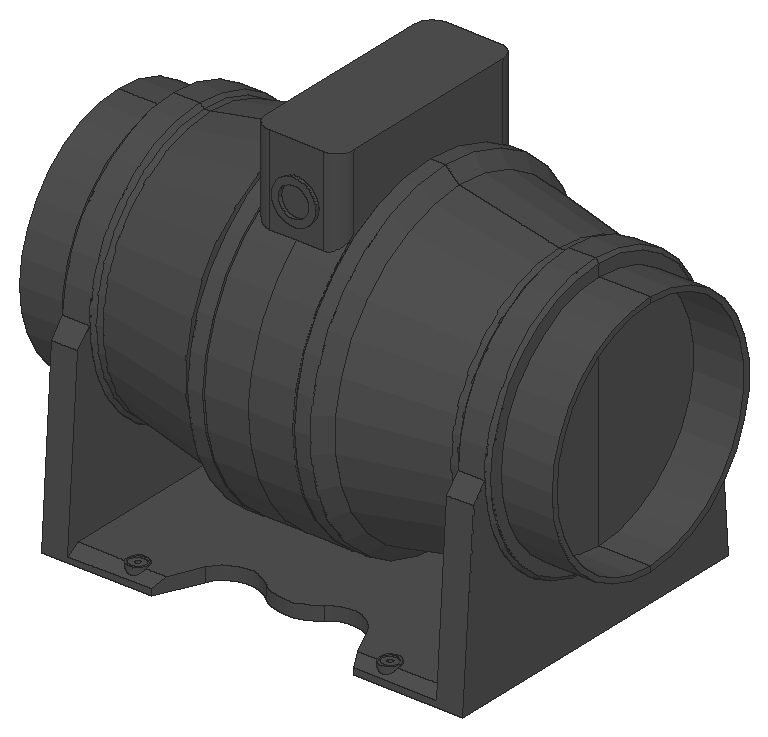
Revit family "Reece_Accessory_Kado_Lux_HiFlow_Inline Exhaust System_Square_Inline Exhaust Fan", category Mechanical Equipment, Revit 2018
Family settings
  Round Connector Dimension = Use Diameter
  Classification = None
  Part Type = Normal
  Work Plane-Based = Yes
  Always vertical = No
  Cut with Voids When Loaded = No
  Shared = Yes
  Room Calculation Point = Yes
Parameters (values of type "270 mm x 270 mm_Matte Black")
  URL = "https://www.reece.com.au/product/-2020365"
  Type Comments = "Accessory"
  Reece_Product_Web Page = "https://www.reece.com.au/product/-2020365"
  Reece_Product_Type = "Accessory"  # constant formula
  Reece_Product_Sub Brand = "Lux"  # constant formula
  Reece_Product_Number = "2020365 (1of3)"
  Reece_Product_Mount = "Ceiling Mounted"  # constant formula
  Reece_Product_Description = "Kado Lux HiFlow Inline Exhaust System Round Matte Black"
  Reece_Product_Brand = "Kado"  # constant formula
  Reece_Overall_Width = 195 mm  # constant formula
  Reece_Overall_Length = 314 mm  # constant formula
  Reece_Overall_Height = 247 mm  # constant formula
  Reece_Mechanical_Max Airflow [instance] = if(Reece_Mechanical_Airflow < Min Flow, Min Flow, if(Reece_Mechanical_Airflow > Max Flow, Max Flow, Reece_Mechanical_Airflow))  # 561.0 m³/h
  Reece_Mechanical_Duct_Diameter = 150 mm  # constant formula
  Reece_Mechanical_Airflow [instance] = 561.0 m³/h
  Reece_Material_Main = Reece_Plastic_ABS_Black
  Reece_Height_From_Level [instance] = 2500 mm
  Reece_Electrical_Voltage_Min = 220 V  # constant formula
  Reece_Electrical_Voltage_Max = 240 V  # constant formula
  Reece_Electrical_Voltage = 240 V  # constant formula
  Reece_Electrical_Frequency = 50 Hz  # constant formula
  Reece_Electrical_Fan Power_Wattage = 50 W  # constant formula
  Reece_Detail_Installation = "LED Inline Exhaust System"  # constant formula
  Reece_Detail_Disclaimer = "Electrical input required. Refer to web page for further details."  # constant formula
  Reece_Detail_Connector = "Plug in (Plug & Lead included)"  # constant formula
  Reece_Detail_Additional = "HiFlow"  # constant formula
  Model = "Lux"
  Min Flow = 438.0 m³/h  # constant formula
  Max Flow = 561.0 m³/h  # constant formula
  Manufacturer = "Kado"
  Keynote = "Product #2020365 (1of3), Reece_Accessory_Kado_Lux_HiFlow_Inline Exhaust System_Square_Intake Fascia - Matte Black"
  Disclaimer = "THIS FILE IS THE PROPERTY OF THE REECE GROUP. IT MAY NOT BE REPRODUCED, REVERSE-ENGINEERED OR MODIFIED. ANY REPUBLICATION, TRANSMISSION OR DISTRIBUTION FOR THE PURPOSE OF COMMERCIALLY EXPLOITING THE FILES IS PROHIBITED."
  Description = "Kado Lux HiFlow Inline Exhaust System Square Matte Black"
  Default Elevation = 0 mm
Types (2, lengths in mm): name | URL | Reece_Product_Web Page | Reece_Product_Number | Reece_Product_Description | Keynote | Description
  270 mm x 270 mm_Matte Black | "https://www.reece.com.au/product/-2020365" | "https://www.reece.com.au/product/-2020365" | "2020365 (1of3)" | "Kado Lux HiFlow Inline Exhaust System Round Matte Black" | "Product #2020365 (1of3), Reece_Accessory_Kado_Lux_HiFlow_Inline Exhaust System_Square_Intake Fascia - Matte Black" | "Kado Lux HiFlow Inline Exhaust System Square Matte Black"
  270 mm x 270 mm_Matte White | "https://www.reece.com.au/product/-2020366" | "https://www.reece.com.au/product/-2020366" | "2020366 (1of3)" | "Kado Lux HiFlow Inline Exhaust System Round Matte White" | "Product #2020366 (1of3), Reece_Accessory_Kado_Lux_HiFlow_Inline Exhaust System_Square_Intake Fascia - Matte White" | "Kado Lux HiFlow Inline Exhaust System SquareMatte White"
Reference planes
  plane 1 "Center (Front/Back)": y = 0
  plane 2 "Bottom Host Plane": z = 2500
  plane 3 "Center (Left/Right)": x = 0
  plane 4: z = 2747
  plane 5: x = 157
  plane 6: x = -157
  plane 7: x = 126.5
  plane 8: x = -126.5
  plane 9: y = -72.5
  plane 10: y = 72.5
  plane 11: y = 97.5
  plane 12: y = -97.5
  plane 13: z = 2691
  plane 14: z = 2546
  plane 15: z = 0
  plane 16: y = 89
  plane 17: y = -89
Text (mm)
  text "Reece ©" at (2362.359, -1598.326, 4056.127), in view "Reece Preview"
  text "Reece Copyright © 2018, Reece Ltd." at (294.551, -148.536, 0), in view "Ref. Level"
Dimensions and locks
  "Reece_Overall_Height": plane 4 to plane 2 "Bottom Host Plane"
  plane 5 to plane 6 = 314 mm
  plane 7 to plane 8 = 253 mm
  "Reece_Overall_Width": plane 12 to plane 11
  "Reece_Overall_Length": plane 6 to plane 5
  plane 8 to plane 7 = 253 mm
  locked: plane 13 to plane 14 at 145
  "Reece_Height_From_Level": plane 2 "Bottom Host Plane" to level
  nested 1 to nested 1 = 149 mm
  locked: plane 16 to plane 17 at 178
  locked: plane 2 "Bottom Host Plane" to plane 14 at 46
Nested families
  nested 1: "Reece_Inline Exhaust Fan" at (0, 0, 2500), Reece_Material_Main <- "Reece_Material_Main", type "Reece_Inline Exhaust Fan"
    with Reece_Material_Main Reece_Plastic_ABS_Black
Connectors
  hvac at (-126.5, 0, 2618.5), driven by "Reece_Mechanical_Duct_Diameter", driven by "Reece_Mechanical_Max Airflow"
    settings: on nested 1, index 8, duct flow 561.0 m³/h, flow factor 0, pres drop 0.0 Pa, loss coef 0, conn angle 0.00°, conn width 304.8 mm, conn height 304.8 mm, conn diameter 150 mm, duct sys type 3, conn prof type 0, flow config 0, flow direction 1, loss method 0, conn ref index -1, conn util no, is conn primary yes, conn desc "In"
  electrical at (0, -65, 2715.417), driven by "Reece_Electrical_Voltage"
    settings: on nested 1, index 9, voltage 240 V, apparent load 0 VA, apparent load phase1 0 VA, apparent load phase2 0 VA, apparent load phase3 0 VA, power factor 1, load classification "HVAC", number of poles 1, system type 30, power factor state 1, is connector primary yes, connector utility no, sub classification motor no, connector description ""
  hvac at (126.5, 0, 2618.5), driven by "Reece_Mechanical_Duct_Diameter", driven by "Reece_Mechanical_Max Airflow"
    settings: on nested 1, index 10, duct flow 561.0 m³/h, flow factor 0, pres drop 0.0 Pa, loss coef 0, conn angle 0.00°, conn width 304.8 mm, conn height 304.8 mm, conn diameter 150 mm, duct sys type 3, conn prof type 0, flow config 1, flow direction 2, loss method 0, conn ref index -1, conn util no, is conn primary no, conn desc "Out"
Definition of nested family "Reece_Inline Exhaust Fan"
  Parameters (values of type "Reece_Accessory_Kado_Lux_HiFlow_LED Inline Exhaust System_Square_Inline Fan_Nested")
    URL = ""
    Type Comments = ""
    Reece_Material_Main [instance] = none
    Model = ""
    Manufacturer = ""
    Keynote = ""
    Description = ""
    Default Elevation = 0 mm
    Cost = 0
    Assembly Code = ""
  Reference planes
    plane 1 "Center (Front/Back)": y = 0
    plane 2 "Bottom Host Plane": z = 0
    plane 3 "Center (Left/Right)": x = 0
    plane 4: z = 247
    plane 5: x = 157
    plane 6: x = -157
    plane 7: x = 126.5
    plane 8: x = -126.5
    plane 9: y = -72.5
    plane 10: y = 72.5
    plane 11: y = 97.5
    plane 12: y = -97.5
    plane 13: z = 191
    plane 14: z = 46
    plane 15: x = -74.5
    plane 16: x = 74.5
    plane 17: y = 89
    plane 18: y = -89
  Forms (mm)
    Revolve 1, solid, material <- "Reece_Material_Main"
      sketch origin (0, 0, 118.5) x (1, 0, 0) y (0, 0, 1)
        loop
          line (-157, 69.5) -> (-126.5, 69.5) -> (-126.5, 0) -> (126.5, 0) -> (126.5, 69.5) -> (157, 69.5) -> (157, 72.5) -> (126.5, 72.5) -> (126.5, 79.5) -> (124.379, 81.621) -> (108.879, 81.621) -> (106.757, 79.5) -> (102.757, 79.5) -> (44.069, 91.975) -> (36.047, 99.996) -> (26.997, 99.996) -> (26.997, 98.996) -> (25.997, 98.996) -> (25.997, 99.996) -> (0, 99.996) -> (-25.997, 99.996) -> (-25.997, 98.996) -> (-26.997, 98.996) -> (-26.997, 99.996) -> (-36.047, 99.996) -> (-44.069, 91.975) -> (-102.757, 79.5) -> (-106.757, 79.5) -> (-108.879, 81.621) -> (-124.379, 81.621) -> (-126.5, 79.5) -> (-126.5, 72.5) -> (-157, 72.5) -> (-157, 69.5)
        axis (157, 0) -> (-157, 0)
      angle from 0 to 360
    Extrusion 2, solid, material <- "Reece_Material_Main"
      sketch origin (0, 0, 0) x (1, 0, 0) y (0, 1, 0)
        loop
          arc (-15.997, 65) -> (-23.069, 62.071) -> (-25.997, 55) r 10
          line (-25.997, 55) -> (-25.997, -55)
          arc (-25.997, -55) -> (-23.069, -62.071) -> (-15.997, -65) r 10
          line (-15.997, -65) -> (15.997, -65)
          arc (15.997, -65) -> (23.069, -62.071) -> (25.997, -55) r 10
          line (25.997, -55) -> (25.997, 55)
          arc (25.997, 55) -> (23.069, 62.071) -> (15.997, 65) r 10
          line (15.997, 65) -> (-15.997, 65)
      from 150 to 247
    Extrusion 3, solid, material <- "Reece_Material_Main"
      sketch origin (0, 0, 121.875) x (1, 0, 0) y (0, 0, 1)
        loop
          circle (0, 93.542) r 13
        loop
          circle (0, 93.542) r 9
      from 65 to 67
    Extrusion 4, solid, material <- "Reece_Material_Main"
      sketch origin (0, 0, 0) x (0, 1, 0) y (0, 0, -1)
        loop
          line (0, 0) -> (-97.5, 0) -> (-89.904, -108.629) -> (-81.621, -118.5)
          arc (-81.621, -118.5) -> (-57.715, -60.785) -> (0, -36.879) r 81.621
          arc (0, -36.879) -> (57.715, -60.785) -> (81.621, -118.5) r 81.621
          line (81.621, -118.5) -> (89.904, -108.629) -> (97.5, 0) -> (0, 0)
      from 108.879 to 124.379
    Extrusion 5, solid, material <- "Reece_Material_Main"
      sketch origin (0, 0, -115) x (0, 1, 0) y (0, 0, 1)
        loop
          line (-97.5, 115) -> (97.5, 115) -> (97.275, 118.216) -> (90.442, 123) -> (-90.442, 123) -> (-97.275, 118.216) -> (-97.5, 115)
      from -115 to 115
    Extrusion 6, solid, material <- "Reece_Material_Main"
      sketch origin (0, 0, 0) x (0, 1, 0) y (0, 0, 1)
        loop
          line (0, 0) -> (97.5, 0) -> (89.904, 108.629) -> (81.621, 118.5)
          arc (81.621, 118.5) -> (57.715, 60.785) -> (0, 36.879) r 81.621
          arc (0, 36.879) -> (-57.715, 60.785) -> (-81.621, 118.5) r 81.621
          line (-81.621, 118.5) -> (-89.904, 108.629) -> (-97.5, 0) -> (0, 0)
      from 108.879 to 124.379
    Extrusion 7, solid, material <- "Reece_Material_Main"
      sketch origin (0, 0, 0) x (1, 0, 0) y (0, 1, 0)
        loop
          circle (-74.5, 89) r 6
        loop
          circle (74.5, 89) r 6
        loop
          circle (-74.5, -89) r 6
        loop
          circle (74.5, -89) r 6
      from 0 to 9
    Extrusion 8, void
      sketch origin (0, 0, 0) x (1, 0, 0) y (0, 1, 0)
        loop
          arc (-69.5, 89) -> (-74.5, 94.048) -> (-79.5, 89) r 5
          arc (-79.5, 89) -> (-74.5, 84.048) -> (-69.5, 89) r 5
        loop
          arc (79.5, 89) -> (74.5, 94.048) -> (69.5, 89) r 5
          arc (69.5, 89) -> (74.5, 84.048) -> (79.5, 89) r 5
        loop
          arc (-69.5, -89) -> (-74.5, -84.048) -> (-79.5, -89) r 5
          arc (-79.5, -89) -> (-74.5, -94.048) -> (-69.5, -89) r 5
        loop
          arc (79.5, -89) -> (74.5, -84.048) -> (69.5, -89) r 5
          arc (69.5, -89) -> (74.5, -94.048) -> (79.5, -89) r 5
      from 8.5 to 10
    Extrusion 9, void
      sketch origin (0, 0, 0) x (1, 0, 0) y (0, 1, 0)
        loop
          line (-59.605, 97.5) -> (-47.947, 72.5)
          arc (-47.947, 72.5) -> (-34.184, 61.674) -> (-17.304, 66.333) r 19.412
          arc (-17.304, 66.333) -> (0, 73.018) -> (17.304, 66.333) r 25.739
          arc (17.304, 66.333) -> (34.184, 61.674) -> (47.947, 72.5) r 19.412
          line (47.947, 72.5) -> (59.605, 97.5) -> (-59.605, 97.5)
        loop
          line (-59.605, -97.5) -> (59.605, -97.5) -> (47.947, -72.5)
          arc (47.947, -72.5) -> (34.184, -61.674) -> (17.304, -66.333) r 19.412
          arc (17.304, -66.333) -> (0, -73.018) -> (-17.304, -66.333) r 25.739
          arc (-17.304, -66.333) -> (-34.184, -61.674) -> (-47.947, -72.5) r 19.412
          line (-47.947, -72.5) -> (-59.605, -97.5)
      from 0 to 20
    Extrusion 10, void
      sketch origin (0, 0, 0) x (1, 0, 0) y (0, 1, 0)
        loop
          circle (-74.5, 89) r 1.5
        loop
          circle (74.5, 89) r 1.5
        loop
          circle (-74.5, -89) r 1.5
        loop
          circle (74.5, -89) r 1.5
      from 6 to 10
  Cuts and joins
    joined: Revolve 1, Extrusion 2
    Extrusion 10 cuts Extrusion 4
    Extrusion 9, Extrusion 10 cuts Extrusion 5
    Extrusion 10 cuts Extrusion 6
    Extrusion 8, Extrusion 10 cuts Extrusion 7
    joined: Extrusion 4, Extrusion 5, Extrusion 6, Extrusion 7
  Text (mm)
    text "Reece ©" at (2896.565, -2451.276, 2668.971), in view "Reece Preview"
    text "Reece Copyright © 2018, Reece Ltd." at (294.551, -148.536, 0), in view "Ref. Level"
  Dimensions and locks
    locked: plane 4 to plane 2 "Bottom Host Plane" at 247
    plane 5 to plane 6 = 314 mm
    plane 7 to plane 8 = 253 mm
    plane 4 to plane 2 "Bottom Host Plane" = 247 mm
    plane 11 to plane 12 = 195 mm
    plane 10 to plane 9 = 145 mm
    plane 12 to plane 11 = 195 mm
    plane 6 to plane 5 = 314 mm
    plane 8 to plane 7 = 253 mm
    plane 13 to plane 14 = 145 mm
    plane 18 to plane 17 = 178 mm
